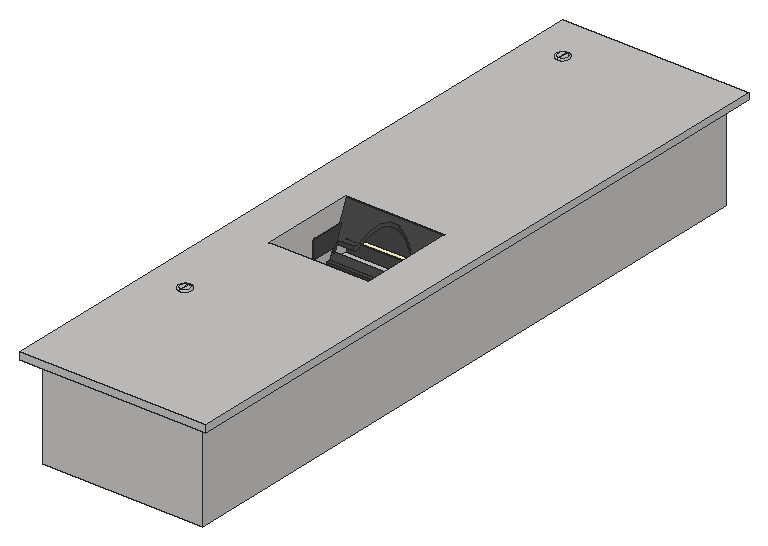
Revit family "Paper_Towel_Dispenser_Hand_Dryer_Waste_Bin-Bobrick-TrimLineSeries-B-38031_Series", category Specialty Equipment, host Face, Revit 2019
Family settings
  Host = Face
  Round Connector Dimension = Use Diameter
  Part Type = Normal
  OmniClass Number = 23.40.20.21.17
  OmniClass Title = Paper Towel Dispensers, Disposal Units
  Cut with Voids When Loaded = No
  Shared = Yes
  Room Calculation Point = No
Parameters (values of type "B-38031 115V")
  Width = 15 5/8"  # constant formula
  Waste Container Material = Plastic-Bobrick-Black
  Waste Capacity = "7.2-gal (27.4-L)"  # constant formula
  Warranty Information = "1-Year Limited Warranty"  # constant formula
  URL = "http://www.bobrick.com/"
  Type Comments = "Automatic Hand Dryer: 110-120V AC, 8.0 Amp, 920 Watts, 50/60 Hz, Single Phase, CUListed"
  TowelMate Towel Rod Assembly Material = Nylon-Bobrick
  Skirt Material = Stainless Steel-Bobrick-Satin
  Rough Wall Opening Width = 14 1/4"  # constant formula
  Rough Wall Opening Height = 55 9/16"  # constant formula
  Rough Wall Opening Depth = 8"  # constant formula
  Product Page URL = "https://www.bobrick.com/product/b-38031-series/"
  Product Documentation Link = "https://www.bobrick.com/wp-content/uploads/B-38031_td.pdf"
  Paper Towel Dispenser Material = Stainless Steel-Bobrick-Satin
  Mounting Height Constraint = if(Mounting Height < 40", 40", if(Mounting Height > 48", 48", Mounting Height))  # 40"
  Mounting Height = 40"
  Model = "B-38031 115V"
  Material = "Stainless Steel-Bobrick-Satin"
  Manufacturer = "Bobrick"
  Keynote = ""
  Installation Type = "Rcessed Wall Mounted"
  Height = 57 1/16"  # constant formula
  Finish = Stainless Steel-Gamco-#4 Satin
  Door Material = Stainless Steel-Bobrick-Satin
  Description = "Paper Towel Dispenser/Hand Dryer/Waste Bin (3-in-1 Unit)"
  Depth = 9/16" + 7 15/16"  # 8 1/2"
  Default Elevation = 0"
  Creation Date = "08/20/2024"  # constant formula
  Dispense Capacity = "Dispenses 600 multi-fold or 450 C-fold paper towels."
  Cabinet Material = Metal-Bobrick-Stainless Steel
  Assembly Code = "C1030200"
Types (3): name | Type Comments | Paper Towel Dispenser Material | Model | Door Material | Cabinet Material
  (no name) | "Automatic Hand Dryer: 110-120V AC, 8.0 Amp, 920 Watts, 50/60 Hz, Single Phase, CUListed" | Stainless Steel-Bobrick-Satin | "B-38031 115V" | Stainless Steel-Bobrick-Satin | Metal-Bobrick-Stainless Steel
  B-38031 115V | "Automatic Hand Dryer: 110-120V AC, 8.0 Amp, 920 Watts, 50/60 Hz, Single Phase, CUListed" | Stainless Steel-Bobrick-Satin | "B-38031 115V" | Stainless Steel-Bobrick-Satin | Metal-Bobrick-Stainless Steel
  B-38031 230V | "Automatic Hand Dryer: 208-240V AC, 3.6-4.0 Amp, 750-950 Watts, 50/60 Hz, Single Phase, CE marked, CUListed, Meets Electrical Safety Requirement AS/NZS 600335" | Metal-Bobrick-Stainless Steel | "B-38031 230V" | Metal-Bobrick-Stainless Steel | Stainless Steel-Bobrick-Satin
Reference planes
  plane 1 "Center (Front/Back)": y = 0
  plane 2: z = 0
  plane 3 "Center (Left/Right)": x = 0
  plane 4: z = -92.075
  plane 5: z = -203.2
  plane 6 "floor": y = -1016
  plane 7: y = 724.694
  plane 8: y = -724.694
  plane 9: y = 699.294
  plane 10: y = -699.294
  plane 11: y = 0.794
  plane 12: x = -170.656
  plane 13: x = 170.656
  plane 14: x = -109.537
  plane 15: x = 109.538
  plane 16: x = -198.437
  plane 17: x = 198.438
  plane 18: z = 14.287
  plane 19: z = -201.613
Forms (mm)
  Extrusion 1, solid, material "Stainless Steel-Bobrick-Satin"
    sketch origin (0, 0, 0) x (1, 0, 0) y (0, 1, 0)
      loop
        line (-198.437, 724.694) -> (-198.437, -724.694) -> (198.438, -724.694) -> (198.438, 724.694) -> (-198.437, 724.694)
    from 0 to 14.287
  Extrusion 2, void
    sketch origin (0, -481.806, 0) x (1, 0, 0) y (0, 1, 0)
      loop
        line (-106.362, 511.477) -> (-106.362, 306.387) -> (109.538, 306.387) -> (109.538, 511.477) -> (-106.362, 511.477)
    from -23.38 to 83.961
  Extrusion 3, solid, material "Stainless Steel-Bobrick-Satin"
    sketch origin (0, -481.806, 0) x (1, 0, 0) y (0, 1, 0)
      loop
        line (-106.362, 511.477) -> (-106.362, 306.387) -> (106.363, 306.387) -> (106.363, 511.477) -> (-106.362, 511.477)
      loop
        line (-109.537, 514.652) -> (-109.537, 303.212) -> (109.538, 303.212) -> (109.538, 514.652) -> (-109.537, 514.652)
    from -92.075 to 14.287
  Extrusion 4, solid, material "Stainless Steel-Bobrick-Satin"
    sketch origin (0, -157.163, 13.574) x (0, 1, 0) y (0, 0, 1)
      loop
        line (186.833, -8.016) -> (186.833, 0.109) -> (143.289, -102.474) -> (133.449, -102.474) -> (133.449, -105.649) -> (145.39, -105.649) -> (186.833, -8.016)
    from -106.362 to 106.362
  Extrusion 5, void
    sketch origin (0, -175.419, 0) x (1, 0, 0) y (0, 1, 0)
      loop
        line (-101.848, 167.489) -> (101.848, 167.489) -> (101.848, 176.212) -> (67.143, 176.212)
        arc (67.143, 176.212) -> (61.901, 177.14) -> (57.296, 179.808) r 15.28
        arc (57.296, 179.808) -> (0.974, 200.374) -> (-55.345, 179.801) r 87.389
        arc (-55.345, 179.801) -> (-59.939, 177.138) -> (-65.168, 176.212) r 15.242
        line (-65.168, 176.212) -> (-101.848, 176.212) -> (-101.848, 167.489)
    from -92.075 to 14.287
  Extrusion 6, void
    sketch origin (-157.163, 675.481, -76.2) x (-1, 0, 0) y (0, 0, -1)
      loop
        line (-298.45, 88.9) -> (-298.45, -12.7) -> (-323.056, -12.7) -> (-323.056, -76.2) -> (8.731, -76.2) -> (8.731, -12.7) -> (-15.875, -12.7) -> (-15.875, 88.9) -> (-298.45, 88.9)
    from 854.075 to 1347.787
  Revolve 7, solid, material "Nylon-Bobrick" <- "TowelMate Towel Rod Assembly Material"
    sketch origin (0, -157.217, -50.595) x (1, 0, 0) y (0, 1, 0)
      loop
        line (-140.494, 169.862) -> (-140.494, 168.799) -> (-91.095, 168.799) -> (-91.095, 166.453) -> (91.095, 166.453) -> (91.095, 168.799) -> (140.494, 168.799) -> (140.494, 169.862) -> (-140.494, 169.862)
      axis (-140.494, 169.862) -> (140.494, 169.862)
    angle from 0 to 360
  Extrusion 8, solid, material "Metal-Bobrick-Stainless Steel" <- "Cabinet Material"
    sketch origin (198.438, 674.687, -201.613) x (0, -1, 0) y (0, 0, -1)
      loop
        line (1373.981, 0) -> (-24.606, 0) -> (-24.606, -201.613) -> (-21.431, -201.613) -> (-21.431, -3.175) -> (1370.806, -3.175) -> (1370.806, -201.613) -> (1373.981, -201.613) -> (1373.981, 0)
    from -369.094 to -27.781
  Extrusion 9, void
    sketch origin (-1006.967, -57.944, 0) x (1, 0, 0) y (0, 1, 0)
      loop
        line (825.992, 764.381) -> (825.992, -646.906) -> (1187.942, -646.906) -> (1187.942, 764.381) -> (825.992, 764.381)
    from -203.2 to 14.305
  Extrusion 10, solid, material "Stainless Steel-Bobrick-Satin"
    sketch origin (109.538, 29.67, 0) x (0, -1, 0) y (0, 0, -1)
      loop
        line (208.264, 92.075) -> (208.264, 95.25) -> (-3.175, 95.25) -> (-3.175, 92.075) -> (208.264, 92.075)
    from -219.075 to 0
  Extrusion 11, solid, material "Metal-Bobrick-Stainless Steel" <- "Cabinet Material"
    sketch origin (-165.1, 724.694, 0) x (1, 0, 0) y (0, 0, -1)
      loop
        line (335.756, 0) -> (335.756, 201.613) -> (332.581, 201.613) -> (332.581, 0) -> (335.756, 0)
      loop
        line (-5.556, 0) -> (-2.381, 0) -> (-2.381, 201.612) -> (-5.556, 201.612) -> (-5.556, 0)
    from -1423.987 to -25.4
  Extrusion 12, solid, material "Plastic-Bobrick-Black"
    sketch origin (-106.362, -5.556, 0) x (0, 1, 0) y (0, 0, 1)
      loop
        line (38.402, -28.575) -> (-49.617, -28.575)
        arc (-49.617, -28.575) -> (-54.107, -30.435) -> (-55.967, -34.925) r 6.35
        line (-55.967, -34.925) -> (-55.967, -60.325)
        arc (-55.967, -60.325) -> (-54.107, -64.815) -> (-49.617, -66.675) r 6.35
        line (-49.617, -66.675) -> (38.402, -66.675) -> (38.402, -28.575)
    from 208.211 to 212.725
  Extrusion 13, solid, material "Plastic-Bobrick-Black"
    sketch origin (106.363, -5.556, 0) x (0, 1, 0) y (0, 0, -1)
      loop
        line (38.402, 28.575) -> (38.402, 66.675) -> (-49.617, 66.675)
        arc (-49.617, 66.675) -> (-54.107, 64.815) -> (-55.967, 60.325) r 6.35
        line (-55.967, 60.325) -> (-55.967, 34.925)
        arc (-55.967, 34.925) -> (-54.107, 30.435) -> (-49.617, 28.575) r 6.35
        line (-49.617, 28.575) -> (38.402, 28.575)
    from 208.211 to 212.725
  Extrusion 14, void
    sketch origin (5.156, 52.867, 0) x (1, 0, 0) y (0, 1, 0)
      loop
        line (-126.583, 581.766) -> (-126.583, 566.97) -> (-124.611, 566.97) -> (-124.611, 581.766) -> (-126.583, 581.766)
    from 14.287 to 18.348
  Revolve 15, solid, material "Stainless Steel-Gamco-#4 Satin" <- "Finish"
    sketch origin (-120.494, 715.078, 68.378) x (0, 0.923587, -0.383388) y (0, 0.383388, 0.923587)
      loop
        line (-60.325, -83.607) -> (-47.806, -78.41)
        arc (-47.806, -78.41) -> (-49.025, -77.194) -> (-50.747, -77.195) r 2.25
        line (-50.747, -77.195) -> (-61.187, -81.529) -> (-60.325, -83.607)
      axis (-61.187, -81.529) -> (-60.325, -83.607)
    angle from 0 to 360
  Revolve 16, solid, material "Stainless Steel-Gamco-#4 Satin" <- "Finish"
    sketch origin (-120.494, -294.572, 68.378) x (0, 0.923587, -0.383388) y (0, 0.383388, 0.923587)
      loop
        line (-60.325, -83.607) -> (-47.806, -78.41)
        arc (-47.806, -78.41) -> (-49.025, -77.194) -> (-50.747, -77.195) r 2.25
        line (-50.747, -77.195) -> (-61.187, -81.529) -> (-60.325, -83.607)
      axis (-61.187, -81.529) -> (-60.325, -83.607)
    angle from 0 to 360
  Extrusion 17, void
    sketch origin (5.156, -956.783, 0) x (1, 0, 0) y (0, 1, 0)
      loop
        line (-126.583, 581.766) -> (-126.583, 566.97) -> (-124.611, 566.97) -> (-124.611, 581.766) -> (-126.583, 581.766)
    from 14.287 to 18.348
Cuts and joins
  Extrusion 2, Extrusion 5, Extrusion 6, Extrusion 14, Extrusion 17 cuts Extrusion 1
  Extrusion 5, Extrusion 6, Extrusion 14, Extrusion 17 cuts Extrusion 3
  Extrusion 5, Extrusion 14, Extrusion 17 cuts Extrusion 4
  Extrusion 14, Extrusion 17 cuts Extrusion 10
  joined: Extrusion 1, Extrusion 3, Extrusion 4, Extrusion 10
  joined: Extrusion 8, Extrusion 11
  Extrusion 14, Extrusion 17 cuts Revolve 15
  Extrusion 17 cuts Revolve 16
Lines and regions (mm)
  Masking region 1, detail levels medium+fine
    outline origin (-165.1, 724.694, 0) x (1, 0, 0) y (0, 0, -1)
      loop
        line (335.756, 0) -> (335.756, 201.613) -> (-5.556, 201.613) -> (-5.556, 0) -> (335.756, 0)
  Masking region 2
    outline origin (-165.1, 724.694, 0) x (1, 0, 0) y (0, 0, -1)
      loop
        line (-33.338, -14.287) -> (363.537, -14.287) -> (363.537, 0) -> (-33.338, 0) -> (-33.338, -14.287)
Dimensions and locks
  locked: plane 4 to level at 92.075
  plane 8 to plane 7 = 57 1/16"
  plane 9 to plane 10 = 55 1/16"
  plane 8 to plane 11 = 28 9/16"
  plane 12 to plane 13 = 13 7/16"
  plane 14 to plane 15 = 8 5/8"
  plane 16 to plane 17 = 15 5/8"
  plane 18 to level = 9/16"
  host face to plane 5 = 8"
  host face to plane 19 = 7 15/16"
  "Mounting Height Constraint": plane 6 "floor" to plane 1 "Center (Front/Back)"
  aligned and locked: plane 2 to host face
  aligned and locked: level to host face
  aligned and locked: Extrusion 4 to Extrusion 3
  aligned and locked: Extrusion 2 to Extrusion 4
  aligned and locked: Extrusion 10 to Extrusion 3
  aligned and locked: Extrusion 10 to Extrusion 2
  aligned and locked: plane 13 to Extrusion 11 sketch curve
  aligned and locked: Extrusion 11 sketch curve to level
  aligned and locked: plane 19 to Extrusion 11 sketch curve
  aligned and locked: Extrusion 11 sketch curve to plane 19
  aligned and locked: Extrusion 11 sketch curve to plane 12
  aligned and locked: level to Extrusion 11 sketch curve
  aligned and locked: plane 10 to Extrusion 11
  aligned and locked: plane 9 to Extrusion 11
  aligned and locked: Masking region 2 sketch curve to cut or joined group of Extrusion 1, Extrusion 2, Extrusion 3, Extrusion 4, Extrusion 5, Extrusion 6, Extrusion 10, Extrusion 14, Extrusion 17  (x4)
Automatic sketch dimensions
  host sketch curve to host sketch curve = 96"  (x2)
  plane 8 to Extrusion 1 sketch curve = 0"
  Extrusion 1 sketch curve to plane 16 = 0"
  Extrusion 1 sketch curve to plane 17 = 0"
  Extrusion 1 sketch curve to plane 7 = 0"
  Extrusion 2 sketch curve to plane 15 = 0"
  plane 14 to Extrusion 2 sketch curve = 1/8"
  plane 1 "Center (Front/Back)" to Extrusion 2 sketch curve = 6 29/32"
  plane 11 to Extrusion 2 sketch curve = 1.13688"
  Extrusion 3 sketch curve to plane 14 = 0"
  Extrusion 3 sketch curve to plane 15 = 0"
  plane 14 to Extrusion 3 sketch curve = 1/8"
  plane 15 to Extrusion 3 sketch curve = 1/8"
  plane 1 "Center (Front/Back)" to Extrusion 3 sketch curve = 7 1/32"
  Extrusion 3 sketch curve to Extrusion 3 sketch curve = 1/8"  (x2)
  plane 11 to Extrusion 3 sketch curve = 1.13688"
  plane 4 to Extrusion 4 sketch curve = 0"
  plane 1 "Center (Front/Back)" to Extrusion 4 sketch curve = 239/256"
  Extrusion 4 sketch curve to plane 4 = 1/8"
  Extrusion 4 sketch curve to Extrusion 4 sketch curve = 0.38739"
  Extrusion 4 sketch curve to Extrusion 4 sketch curve = 0.08274"
  Extrusion 4 sketch curve to plane 18 = 0.02379"
  plane 11 to Extrusion 4 sketch curve = 1.13688"
  level to Extrusion 4 sketch curve = 0.2188"
  Extrusion 5 sketch curve to plane 11 = 0"  (x2)
  plane 14 to Extrusion 5 sketch curve = 0.30273"
  Extrusion 5 sketch curve to Extrusion 5 sketch curve = 1.44409"
  plane 3 "Center (Left/Right)" to Extrusion 5 sketch curve = 0.03859"
  plane 15 to Extrusion 5 sketch curve = 1.66909"
  plane 15 to Extrusion 5 sketch curve = 0.30273"
  plane 1 "Center (Front/Back)" to Extrusion 5 sketch curve = 0.3122"
  plane 1 "Center (Front/Back)" to Extrusion 5 sketch curve = 2.45802"
  plane 11 to Extrusion 5 sketch curve = 0.60007"
  plane 11 to Extrusion 5 sketch curve = 77/128"
  Extrusion 5 sketch curve to Extrusion 5 sketch curve = 0"
  Extrusion 6 sketch curve to level = 0"
  plane 13 to Extrusion 6 sketch curve = 3/16"
  Extrusion 6 sketch curve to Extrusion 6 sketch curve = 31/32"
  plane 12 to Extrusion 6 sketch curve = 1 5/32"
  plane 12 to Extrusion 6 sketch curve = 3/16"
  Extrusion 6 sketch curve to plane 4 = 1 1/8"  (x2)
  plane 19 to Extrusion 6 sketch curve = 1 7/16"
  plane 11 to Revolve 7 sketch curve = 0.46661"
  plane 12 to Revolve 7 sketch curve = 1 3/16"
  plane 14 to Revolve 7 sketch curve = 0.72609"
  plane 11 to Revolve 7 sketch curve = 0.33237"
  plane 15 to Revolve 7 sketch curve = 0.72609"
  plane 13 to Revolve 7 sketch curve = 1 3/16"
  Revolve 7 sketch curve to Revolve 7 sketch curve = 0.04187"
  Revolve 7 sketch curve to Revolve 7 sketch curve = 0.09237"
  Revolve 7 sketch curve to Revolve 7 sketch curve = 0"  (x3)
  Extrusion 8 sketch curve to level = 0"  (x2)
  Extrusion 8 sketch curve to plane 9 = 0"
  Extrusion 8 sketch curve to plane 10 = 0"
  Extrusion 8 sketch curve to plane 19 = 0"
  Extrusion 8 sketch curve to plane 9 = 1/8"
  Extrusion 8 sketch curve to plane 10 = 1/8"
  plane 19 to Extrusion 8 sketch curve = 1/8"
  Extrusion 9 sketch curve to plane 12 = 13/32"
  Extrusion 9 sketch curve to plane 13 = 13/32"
  plane 10 to Extrusion 9 sketch curve = 7/32"
  plane 9 to Extrusion 9 sketch curve = 9/32"
  Extrusion 10 sketch curve to Extrusion 3 = 0"  (x3)
  Extrusion 10 sketch curve to Extrusion 3 = 1/8"
  Extrusion 11 sketch curve to Extrusion 11 sketch curve = 1/8"  (x2)
  Extrusion 12 sketch curve to Extrusion 2 = 0.45452"
  Extrusion 2 to Extrusion 12 sketch curve = 3.59029"
  Extrusion 12 sketch curve to Extrusion 12 sketch curve = 1/4"
  Extrusion 12 sketch curve to Extrusion 2 = 0.20452"
  Extrusion 12 sketch curve to Extrusion 2 = 1/8"
  Extrusion 12 sketch curve to Extrusion 12 sketch curve = 1"
  plane 1 "Center (Front/Back)" to Extrusion 13 sketch curve = 2.42216"
  Extrusion 13 sketch curve to Extrusion 13 sketch curve = 1/4"  (x2)
  plane 11 to Extrusion 13 sketch curve = 1.26188"
  Extrusion 13 sketch curve to level = 1 1/8"
  Extrusion 13 sketch curve to Extrusion 13 sketch curve = 1"
  Masking region 1 sketch curve to Extrusion 1 = 0"
  Masking region 1 sketch curve to Extrusion 1 = 1 3/32"  (x2)
  Masking region 1 sketch curve to Extrusion 1 = 7 15/16"
  Extrusion 14 sketch curve to plane 14 = 0.46808"
  Extrusion 14 sketch curve to Extrusion 14 sketch curve = 0.07763"
  Extrusion 14 sketch curve to plane 9 = 3.1282"
  Extrusion 14 sketch curve to Extrusion 14 sketch curve = 0.58251"
  Revolve 15 sketch curve to plane 18 = 0"  (x4)
  plane 18 to Revolve 15 sketch curve = 0.08857"
  Revolve 15 sketch curve to plane 9 = 2.83407"
  Revolve 15 sketch curve to Revolve 15 sketch curve = 0.41106"
  Revolve 15 sketch curve to Revolve 15 sketch curve = 0.03396"
  Revolve 15 sketch curve to Revolve 15 sketch curve = 0"
  Revolve 15 sketch curve to Revolve 15 sketch curve = 0.14344"
  Revolve 15 sketch curve to Revolve 15 sketch curve = 0.34554"
  Revolve 16 sketch curve to plane 18 = 0"  (x4)
  plane 18 to Revolve 16 sketch curve = 0.08857"
  Revolve 16 sketch curve to plane 10 = 12.47843"
  Revolve 16 sketch curve to Revolve 16 sketch curve = 0.41106"
  Revolve 16 sketch curve to Revolve 16 sketch curve = 0.03396"
  Revolve 16 sketch curve to Revolve 16 sketch curve = 0"
  Revolve 16 sketch curve to Revolve 16 sketch curve = 0.14344"
  Revolve 16 sketch curve to Revolve 16 sketch curve = 0.34554"
  Extrusion 17 sketch curve to plane 14 = 0.46808"
  Extrusion 17 sketch curve to Extrusion 17 sketch curve = 0.07763"
  Extrusion 17 sketch curve to plane 10 = 12.1843"
  Extrusion 17 sketch curve to Extrusion 17 sketch curve = 0.58251"
